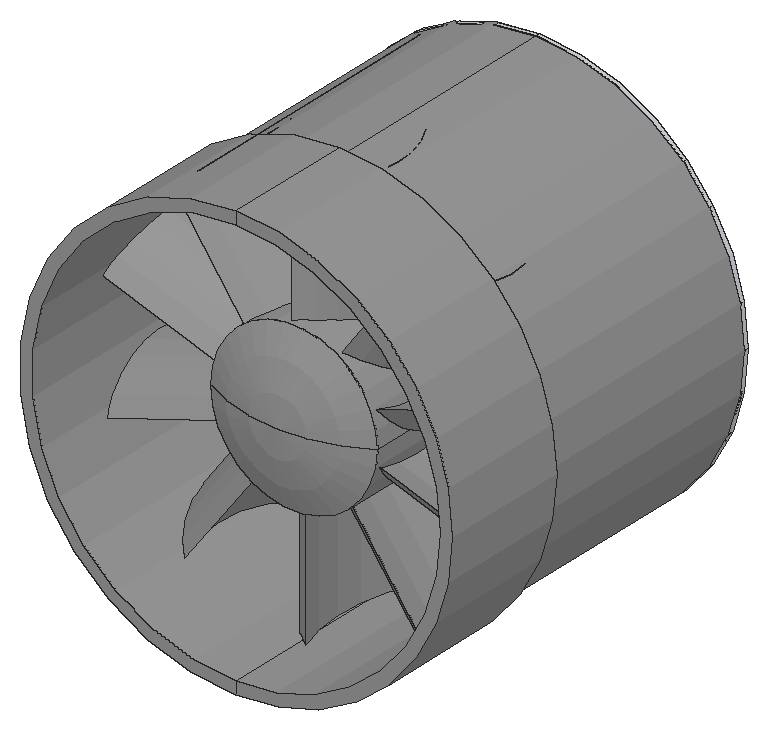
Revit family "ВКО прес_турбо_Eng", category Mechanical Equipment, Revit 2021
Family settings
  Round Connector Dimension = Use Diameter
  Classification = None
  Part Type = Normal
  Work Plane-Based = No
  Always vertical = Yes
  Cut with Voids When Loaded = No
  Shared = No
  Room Calculation Point = No
Parameters (values of type "100 VKO turbo")
  Weight = 0.41 kg
  Voltage = 230 V
  Sound pressure level at 3 m distance = "38 dBA"
  Pressure_Static_Air [instance] = 0.0 Pa
  Power = 16 W
  Number of Fase = 1
  Maximum Air Flow = 135.0 m³/h
  Load Classification = "HVAC"
  Length = L  # 91 mm
  Frequency = 50 Hz  # constant formula
  Diameter = D  # 100 mm
  Default Elevation = 0 mm
  Manufacturer = "Vents"  # constant formula
  URL = "https://ventilation-system.com/series/vents-vko-vkok-series#description"
  Ry = Dy / 2  # 49 mm
  R1 = D1 / 2  # 52 mm
  R = D / 2  # 50 mm
  Maintenance zone material = none
  L1 = 31 mm
  L = 91 mm
  Dy = D - 2 mm  # 98 mm
  D1 = D + 4 mm  # 104 mm
  D = 100 mm
  Casing Material = Plastic, opaque, white
  Apparent Load = Voltage * Amperage  # 23 W
  Amperage = 0.100 A
  Air Flow [instance] = 0.0 m³/h
  09_System_Name [instance] = ""
  00_20_Type = "100 VKO turbo"
  00_20_Name = "Axial fan"  # constant formula
  00_20_Manufacturer = "Vents"  # constant formula
Types (7, lengths in mm): name | Weight | Sound pressure level at 3 m distance | Power | Maximum Air Flow | Length | Diameter | Ry | R1 | R | L1 | L | Dy | D1 | D | Apparent Load | Amperage | 00_20_Type
  (no name) | 0.41 kg | "38 dBA" | 16 W | 135.0 m³/h | 91 | 100 | 49 | 52 | 50 | 31 | 91 | 98 | 104 | 100 | 23 W | 0.100 A | "100 VKO turbo"
  100 VKO press | 0.41 kg | "39 dBA" | 16 W | 106.0 m³/h | 91 | 100 | 49 | 52 | 50 | 31 | 91 | 98 | 104 | 100 | 23 W | 0.100 A | "100 VKO press"
  125 VKO press | 0.48 kg | "39 dBA" | 24 W | 192.0 m³/h | 93 | 125 | 61.5 | 64.5 | 62.5 | 31 | 93 | 123 | 129 | 125 | 24.15 W | 0.105 A | "125 VKO press"
  150 VKO press | 0.80 kg | "44 dBA" | 29 W | 312.0 m³/h | 108 | 150 | 74 | 77 | 75 | 46 | 108 | 148 | 154 | 150 | 29.9 W | 0.130 A | "150 VKO press"
  100 VKO turbo | 0.41 kg | "38 dBA" | 16 W | 135.0 m³/h | 91 | 100 | 49 | 52 | 50 | 31 | 91 | 98 | 104 | 100 | 23 W | 0.100 A | "100 VKO turbo"
  125 VKO turbo | 0.48 kg | "39 dBA" | 24 W | 243.0 m³/h | 93 | 125 | 61.5 | 64.5 | 62.5 | 31 | 93 | 123 | 129 | 125 | 24.15 W | 0.105 A | "125 VKO turbo"
  150 VKO turbo | 0.80 kg | "44 dBA" | 29 W | 358.0 m³/h | 108 | 150 | 74 | 77 | 75 | 46 | 108 | 148 | 154 | 150 | 29.9 W | 0.130 A | "150 VKO turbo"
Reference planes
  plane 1 "По центру (Вперед/Назад)": y = 0
  plane 2: z = 0
  plane 3 "По центру (Влево/Вправо)": x = 0
Forms (mm)
  Revolve 1, solid, material "Пластмасса, белый"
    sketch origin (0, 0, 0) x (0, 1, 0) y (0, 0, 1)
      loop
        line (60, 49) -> (60, 50) -> (0, 50) -> (0, 52) -> (-31, 52) -> (-31, 49) -> (60, 49)
      axis (60, 0) -> (-31, 0)
    angle from 0 to 360
  Extrusion 2, solid
    sketch origin (0, 0, 0) x (1, 0, 0) y (0, 0, 1)
      loop
        circle (0, 0) r 50
      loop
        circle (0, 0) r 49
    from -60 to -59
Dimensions and locks
  plane 1 "По центру (Вперед/Назад)" to nested 1 = 28 mm
  "Ry": Revolve 1 sketch curve to level
  "R1": Revolve 1 sketch curve to level
  "R": Revolve 1 sketch curve to level
  "L": Revolve 1 sketch curve to Revolve 1 sketch curve
  "L1": plane 1 "По центру (Вперед/Назад)" to Revolve 1 sketch curve
  "D": diameter of Extrusion 2 sketch curve
  "Dy": diameter of Extrusion 2 sketch curve
  aligned and locked: level to plane 2
  aligned and locked: level to nested 1
  aligned and locked: nested 1 to plane 3 "По центру (Влево/Вправо)"
  aligned and locked: Extrusion 2 to Revolve 1
Automatic sketch dimensions
  Revolve 1 sketch curve to level = 0 mm
  Revolve 1 sketch curve to plane 1 "По центру (Вперед/Назад)" = 0 mm
  plane 1 "По центру (Вперед/Назад)" to Revolve 1 sketch curve = 27.473 mm
  Revolve 1 sketch curve to plane 1 "По центру (Вперед/Назад)" = 45 mm
  Extrusion 2 sketch curve to Extrusion 2 sketch curve = 0 mm  (x2)
  Extrusion 2 sketch curve to level = 0 mm
  Extrusion 2 sketch curve to plane 3 "По центру (Влево/Вправо)" = 0 mm
Nested families
  nested 1: "Fan" at (0, 19.445, 0) x (-1, 0, 0) z (0, -1, 0), type "Fan"
Connectors
  hvac at (0, 60, 0), driven by "D"
    settings: on Extrusion 2, index 1, duct flow 0.0 m³/h, flow factor 0, pres drop 0.0 Pa, loss coef 0, conn angle 0.00°, conn width 304.8 mm, conn height 304.8 mm, conn diameter 100 mm, duct sys type 3, conn prof type 0, flow config 0, flow direction 2, loss method 0, conn ref index -1, conn util no, is conn primary yes, conn desc ""
  electrical at (0, 29.045, 0), driven by "Voltage", driven by "Power"
    settings: on nested 1, index 2, voltage 230 V, apparent load 16 W, apparent load phase1 0 W, apparent load phase2 0 W, apparent load phase3 0 W, power factor 1, load classification "Прочее", number of poles 1, system type 30, power factor state 1, is connector primary yes, connector utility no, sub classification motor no, connector description ""
Definition of nested family "Fan"
  Parameters (values of type "Вентилятор")
    Default Elevation = 0 mm
    n = 10
    R = Dy / 2  # 49 mm
    Dy = 98 mm
  Reference planes
    plane 1 "По центру (Вперед/Назад)": y = 0
    plane 2: z = 0
    plane 3 "По центру (Влево/Вправо)": x = 0
  Forms (mm)
    Extrusion 1, solid
      sketch origin (5, 0, 0) x (1, 0, 0) y (0, 0, 1)
        loop
          arc (-1.417, 0) -> (-5.784, 15.673) -> (-3.327, 31.756) r 38.725
          arc (-3.327, 31.756) -> (-13.26, 17.281) -> (-10.167, 0) r 23.13
          line (-10.167, 0) -> (-1.417, 0)
      from 17.36 to 49 <- "R"
    Extrusion 2, solid
      sketch origin (4.045, -2.939, 0) x (0.809017, -0.587785, 0) y (0, 0, 1)
        loop
          arc (-1.417, 0) -> (-5.784, 15.673) -> (-3.327, 31.756) r 38.725
          arc (-3.327, 31.756) -> (-13.26, 17.281) -> (-10.167, 0) r 23.13
          line (-10.167, 0) -> (-1.417, 0)
      from 17.36 to 49 <- "R"
    Extrusion 3, solid
      sketch origin (4.045, 2.939, 0) x (0.809017, 0.587785, 0) y (0, 0, 1)
        loop
          arc (-1.417, 0) -> (-5.784, 15.673) -> (-3.327, 31.756) r 38.725
          arc (-3.327, 31.756) -> (-13.26, 17.281) -> (-10.167, 0) r 23.13
          line (-10.167, 0) -> (-1.417, 0)
      from 17.36 to 49 <- "R"
    Extrusion 4, solid
      sketch origin (1.545, 4.755, 0) x (0.309017, 0.951057, 0) y (0, 0, 1)
        loop
          arc (-1.417, 0) -> (-5.784, 15.673) -> (-3.327, 31.756) r 38.725
          arc (-3.327, 31.756) -> (-13.26, 17.281) -> (-10.167, 0) r 23.13
          line (-10.167, 0) -> (-1.417, 0)
      from 17.36 to 49 <- "R"
    Extrusion 5, solid
      sketch origin (-1.545, 4.755, 0) x (-0.309017, 0.951057, 0) y (0, 0, 1)
        loop
          arc (-1.417, 0) -> (-5.784, 15.673) -> (-3.327, 31.756) r 38.725
          arc (-3.327, 31.756) -> (-13.26, 17.281) -> (-10.167, 0) r 23.13
          line (-10.167, 0) -> (-1.417, 0)
      from 17.36 to 49 <- "R"
    Extrusion 6, solid
      sketch origin (-4.045, 2.939, 0) x (-0.809017, 0.587785, 0) y (0, 0, 1)
        loop
          arc (-1.417, 0) -> (-5.784, 15.673) -> (-3.327, 31.756) r 38.725
          arc (-3.327, 31.756) -> (-13.26, 17.281) -> (-10.167, 0) r 23.13
          line (-10.167, 0) -> (-1.417, 0)
      from 17.36 to 49 <- "R"
    Extrusion 7, solid
      sketch origin (-5, 0, 0) x (-1, 0, 0) y (0, 0, 1)
        loop
          arc (-1.417, 0) -> (-5.784, 15.673) -> (-3.327, 31.756) r 38.725
          arc (-3.327, 31.756) -> (-13.26, 17.281) -> (-10.167, 0) r 23.13
          line (-10.167, 0) -> (-1.417, 0)
      from 17.36 to 49 <- "R"
    Extrusion 8, solid
      sketch origin (-4.045, -2.939, 0) x (-0.809017, -0.587785, 0) y (0, 0, 1)
        loop
          arc (-1.417, 0) -> (-5.784, 15.673) -> (-3.327, 31.756) r 38.725
          arc (-3.327, 31.756) -> (-13.26, 17.281) -> (-10.167, 0) r 23.13
          line (-10.167, 0) -> (-1.417, 0)
      from 17.36 to 49 <- "R"
    Revolve 9, solid
      sketch origin (0, 0, 0) x (1, 0, 0) y (0, 0, 1)
        loop
          line (0, -8.555) -> (20, -8.555) -> (20, 33.086)
          arc (20, 33.086) -> (10.356, 37.118) -> (0, 38.543) r 40.436
          line (0, 38.543) -> (0, -8.555)
        axis (0, 38.543) -> (0, -8.555)
      angle from 0 to 360
    Extrusion 10, solid
      sketch origin (-1.545, -4.755, 0) x (-0.309017, -0.951057, 0) y (0, 0, 1)
        loop
          arc (-1.417, 0) -> (-5.784, 15.673) -> (-3.327, 31.756) r 38.725
          arc (-3.327, 31.756) -> (-13.26, 17.281) -> (-10.167, 0) r 23.13
          line (-10.167, 0) -> (-1.417, 0)
      from 17.36 to 49 <- "R"
    Extrusion 11, solid
      sketch origin (1.545, -4.755, 0) x (0.309017, -0.951057, 0) y (0, 0, 1)
        loop
          arc (-1.417, 0) -> (-5.784, 15.673) -> (-3.327, 31.756) r 38.725
          arc (-3.327, 31.756) -> (-13.26, 17.281) -> (-10.167, 0) r 23.13
          line (-10.167, 0) -> (-1.417, 0)
      from 17.36 to 49 <- "R"
    Extrusion 12, solid
      sketch origin (0, 0, 0) x (1, 0, 0) y (0, 1, 0)
        loop
          circle (0, 0) r 20
      from -9.6 to -8.555
  Dimensions and locks
    aligned and locked: level to plane 2
    aligned and locked: Extrusion 12 to Revolve 9
  Automatic sketch dimensions
    Extrusion 1 sketch curve to Extrusion 1 sketch curve = 8.75 mm
    Extrusion 1 sketch curve to Extrusion 1 sketch curve = 10.768 mm
    Extrusion 1 sketch curve to Extrusion 1 sketch curve = 23.52 mm
    Extrusion 1 sketch curve to Extrusion 1 sketch curve = 12.411 mm
    Extrusion 1 sketch curve to Extrusion 1 sketch curve = 5.588 mm
    Extrusion 2 sketch curve to Extrusion 2 sketch curve = 8.75 mm
    Extrusion 2 sketch curve to Extrusion 2 sketch curve = 10.768 mm
    Extrusion 2 sketch curve to Extrusion 2 sketch curve = 23.52 mm
    Extrusion 2 sketch curve to Extrusion 2 sketch curve = 12.411 mm
    Extrusion 2 sketch curve to Extrusion 2 sketch curve = 5.588 mm
    Extrusion 3 sketch curve to Extrusion 3 sketch curve = 8.75 mm
    Extrusion 3 sketch curve to Extrusion 3 sketch curve = 10.768 mm
    Extrusion 3 sketch curve to Extrusion 3 sketch curve = 23.52 mm
    Extrusion 3 sketch curve to Extrusion 3 sketch curve = 12.411 mm
    Extrusion 3 sketch curve to Extrusion 3 sketch curve = 5.588 mm
    Extrusion 4 sketch curve to Extrusion 4 sketch curve = 8.75 mm
    Extrusion 4 sketch curve to Extrusion 4 sketch curve = 10.768 mm
    Extrusion 4 sketch curve to Extrusion 4 sketch curve = 23.52 mm
    Extrusion 4 sketch curve to Extrusion 4 sketch curve = 12.411 mm
    Extrusion 4 sketch curve to Extrusion 4 sketch curve = 5.588 mm
    Extrusion 5 sketch curve to Extrusion 5 sketch curve = 8.75 mm
    Extrusion 5 sketch curve to Extrusion 5 sketch curve = 10.768 mm
    Extrusion 5 sketch curve to Extrusion 5 sketch curve = 23.52 mm
    Extrusion 5 sketch curve to Extrusion 5 sketch curve = 12.411 mm
    Extrusion 5 sketch curve to Extrusion 5 sketch curve = 5.588 mm
    Extrusion 6 sketch curve to Extrusion 6 sketch curve = 8.75 mm
    Extrusion 6 sketch curve to Extrusion 6 sketch curve = 10.768 mm
    Extrusion 6 sketch curve to Extrusion 6 sketch curve = 23.52 mm
    Extrusion 6 sketch curve to Extrusion 6 sketch curve = 12.411 mm
    Extrusion 6 sketch curve to Extrusion 6 sketch curve = 5.588 mm
    Extrusion 7 sketch curve to Extrusion 7 sketch curve = 8.75 mm
    Extrusion 7 sketch curve to Extrusion 7 sketch curve = 10.768 mm
    Extrusion 7 sketch curve to Extrusion 7 sketch curve = 23.52 mm
    Extrusion 7 sketch curve to Extrusion 7 sketch curve = 12.411 mm
    Extrusion 7 sketch curve to Extrusion 7 sketch curve = 5.588 mm
    Extrusion 8 sketch curve to Extrusion 8 sketch curve = 8.75 mm
    Extrusion 8 sketch curve to Extrusion 8 sketch curve = 10.768 mm
    Extrusion 8 sketch curve to Extrusion 8 sketch curve = 23.52 mm
    Extrusion 8 sketch curve to Extrusion 8 sketch curve = 12.411 mm
    Extrusion 8 sketch curve to Extrusion 8 sketch curve = 5.588 mm
    Revolve 9 sketch curve to plane 3 "По центру (Влево/Вправо)" = 0 mm  (x2)
    Revolve 9 sketch curve to plane 3 "По центру (Влево/Вправо)" = 0.288 mm
    plane 3 "По центру (Влево/Вправо)" to Revolve 9 sketch curve = 20 mm
    Revolve 9 sketch curve to level = 8.555 mm
    Revolve 9 sketch curve to level = 1.892 mm
    level to Revolve 9 sketch curve = 33.086 mm
    Revolve 9 sketch curve to Revolve 9 sketch curve = 3.543 mm
    Revolve 9 sketch curve to Revolve 9 sketch curve = 1.457 mm
    Extrusion 10 sketch curve to Extrusion 10 sketch curve = 8.75 mm
    Extrusion 10 sketch curve to Extrusion 10 sketch curve = 10.768 mm
    Extrusion 10 sketch curve to Extrusion 10 sketch curve = 23.52 mm
    Extrusion 10 sketch curve to Extrusion 10 sketch curve = 12.411 mm
    Extrusion 10 sketch curve to Extrusion 10 sketch curve = 5.588 mm
    Extrusion 11 sketch curve to Extrusion 11 sketch curve = 8.75 mm
    Extrusion 11 sketch curve to Extrusion 11 sketch curve = 10.768 mm
    Extrusion 11 sketch curve to Extrusion 11 sketch curve = 23.52 mm
    Extrusion 11 sketch curve to Extrusion 11 sketch curve = 12.411 mm
    Extrusion 11 sketch curve to Extrusion 11 sketch curve = 5.588 mm
    plane 1 "По центру (Вперед/Назад)" to Extrusion 12 sketch curve = 0 mm
    Extrusion 12 sketch curve to plane 3 "По центру (Влево/Вправо)" = 0 mm
    radius of Extrusion 12 sketch curve = 20 mm
